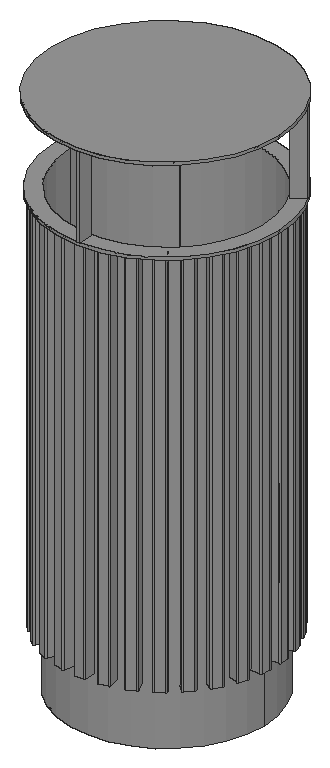
Revit family "52966 Урна «Стеллар Вуд» круглая с крышкой Хоббика", category Антураж, Revit 2018
Family settings
  На основе рабочей плоскости = Нет
  Всегда вертикально = Да
  При загрузке вырезать с полостями = Нет
  Источник визуального образа = Геометрия семейства
  Общий = Нет
  Точка расчета площади = Нет
Parameters (values of type "Урна «Стеллар Вуд» круглая с крышкой")
  Ширина = Диаметр  # 400 mm
  Цвет урны = Сталь
  Цвет отделки = Дерево
  Описание = "Урна «Стеллар Вуд» круглая с крышкой"  # constant formula
  Материал изделия = "Сталь, дерево"  # constant formula
  Изображение типоразмера = Урна «Стеллар Вуд» круглая с крышкой Арт 52966.jpg
  Изготовитель = "ООО «Хоббика»"  # constant formula
  Длина = Диаметр  # 400 mm
  Диаметр = 400 mm  # constant formula
  Группа модели = "Уличные урны"  # constant formula
  Высота = 940 mm  # constant formula
  Артикул товара = "Арт. 52966"  # constant formula
  URL = "https://hobbyka.ru/product/urna_stellar_kruglaya_s_kryshkoy"
Reference planes
  plane 1 "По центру (Вперед/Назад)": y = 0
  plane 2: z = 0
  plane 3 "По центру (Влево/Вправо)": x = 0
  plane 4: x = 400
  plane 5: y = 400
  plane 6: z = 940
Forms (mm)
  Extrusion 1, solid, material "Сталь" <- "Цвет урны"
    sketch origin (5, 2.5, 0) x (1, 0, 0) y (0, 1, 0)
      loop
        circle (197.5, 197.5) r 172.5
    from 0 to 790
  Extrusion 2, void
    sketch origin (5, 2.5, 0) x (1, 0, 0) y (0, 1, 0)
      loop
        circle (197.5, 197.5) r 171
    from 1.5 to 790
  Extrusion 3, solid, material "Сталь" <- "Цвет урны"
    sketch origin (5, 2.5, 0) x (1, 0, 0) y (0, 1, 0)
      loop
        circle (197.5, 197.5) r 197.5
      loop
        circle (197.5, 197.5) r 172.5
    from 785 to 790
  Extrusion 4, solid, material "Дерево" <- "Цвет отделки"
    sketch origin (5, 2.5, 0) x (1, 0, 0) y (0, 1, 0)
      loop
        arc (190, 390) -> (188.232, 389.268) -> (187.5, 387.5) r 2.5
        line (187.5, 387.5) -> (187.5, 370) -> (207.5, 370) -> (207.5, 387.5)
        arc (207.5, 387.5) -> (206.768, 389.268) -> (205, 390) r 2.5
        line (205, 390) -> (190, 390)
    from 100 to 785
  Extrusion 5, solid, material "Дерево" <- "Цвет отделки"
    sketch origin (50.378, -34.247, 0) x (0.978148, 0.207912, 0) y (-0.207912, 0.978148, 0)
      loop
        arc (190, 390) -> (188.232, 389.268) -> (187.5, 387.5) r 2.5
        line (187.5, 387.5) -> (187.5, 370) -> (207.5, 370) -> (207.5, 387.5)
        arc (207.5, 387.5) -> (206.768, 389.268) -> (205, 390) r 2.5
        line (205, 390) -> (190, 390)
    from 100 to 785
  Extrusion 6, solid, material "Дерево" <- "Цвет отделки"
    sketch origin (-31.747, 47.878, 0) x (0.978148, -0.207912, 0) y (0.207912, 0.978148, 0)
      loop
        arc (190, 390) -> (188.232, 389.268) -> (187.5, 387.5) r 2.5
        line (187.5, 387.5) -> (187.5, 370) -> (207.5, 370) -> (207.5, 387.5)
        arc (207.5, 387.5) -> (206.768, 389.268) -> (205, 390) r 2.5
        line (205, 390) -> (190, 390)
    from 100 to 785
  Extrusion 7, solid, material "Дерево" <- "Цвет отделки"
    sketch origin (-58.256, 99.905, 0) x (0.913545, -0.406737, 0) y (0.406737, 0.913545, 0)
      loop
        arc (190, 390) -> (188.232, 389.268) -> (187.5, 387.5) r 2.5
        line (187.5, 387.5) -> (187.5, 370) -> (207.5, 370) -> (207.5, 387.5)
        arc (207.5, 387.5) -> (206.768, 389.268) -> (205, 390) r 2.5
        line (205, 390) -> (190, 390)
    from 100 to 785
  Extrusion 8, solid, material "Дерево" <- "Цвет отделки"
    sketch origin (-73.368, 156.307, 0) x (0.809017, -0.587785, 0) y (0.587785, 0.809017, 0)
      loop
        arc (190, 390) -> (188.232, 389.268) -> (187.5, 387.5) r 2.5
        line (187.5, 387.5) -> (187.5, 370) -> (207.5, 370) -> (207.5, 387.5)
        arc (207.5, 387.5) -> (206.768, 389.268) -> (205, 390) r 2.5
        line (205, 390) -> (190, 390)
    from 100 to 785
  Extrusion 9, solid, material "Дерево" <- "Цвет отделки"
    sketch origin (-76.424, 214.618, 0) x (0.669131, -0.743145, 0) y (0.743145, 0.669131, 0)
      loop
        arc (190, 390) -> (188.232, 389.268) -> (187.5, 387.5) r 2.5
        line (187.5, 387.5) -> (187.5, 370) -> (207.5, 370) -> (207.5, 387.5)
        arc (207.5, 387.5) -> (206.768, 389.268) -> (205, 390) r 2.5
        line (205, 390) -> (190, 390)
    from 100 to 785
  Extrusion 10, solid, material "Дерево" <- "Цвет отделки"
    sketch origin (-67.29, 272.29, 0) x (0.5, -0.866025, 0) y (0.866025, 0.5, 0)
      loop
        arc (190, 390) -> (188.232, 389.268) -> (187.5, 387.5) r 2.5
        line (187.5, 387.5) -> (187.5, 370) -> (207.5, 370) -> (207.5, 387.5)
        arc (207.5, 387.5) -> (206.768, 389.268) -> (205, 390) r 2.5
        line (205, 390) -> (190, 390)
    from 100 to 785
  Extrusion 11, solid, material "Дерево" <- "Цвет отделки"
    sketch origin (-46.365, 326.803, 0) x (0.309017, -0.951057, 0) y (0.951057, 0.309017, 0)
      loop
        arc (190, 390) -> (188.232, 389.268) -> (187.5, 387.5) r 2.5
        line (187.5, 387.5) -> (187.5, 370) -> (207.5, 370) -> (207.5, 387.5)
        arc (207.5, 387.5) -> (206.768, 389.268) -> (205, 390) r 2.5
        line (205, 390) -> (190, 390)
    from 100 to 785
  Extrusion 12, solid, material "Дерево" <- "Цвет отделки"
    sketch origin (-14.562, 375.774, 0) x (0.104528, -0.994522, 0) y (0.994522, 0.104528, 0)
      loop
        arc (190, 390) -> (188.232, 389.268) -> (187.5, 387.5) r 2.5
        line (187.5, 387.5) -> (187.5, 370) -> (207.5, 370) -> (207.5, 387.5)
        arc (207.5, 387.5) -> (206.768, 389.268) -> (205, 390) r 2.5
        line (205, 390) -> (190, 390)
    from 100 to 785
  Extrusion 13, solid, material "Дерево" <- "Цвет отделки"
    sketch origin (26.726, 417.062, 0) x (-0.104528, -0.994522, 0) y (0.994522, -0.104528, 0)
      loop
        arc (190, 390) -> (188.232, 389.268) -> (187.5, 387.5) r 2.5
        line (187.5, 387.5) -> (187.5, 370) -> (207.5, 370) -> (207.5, 387.5)
        arc (207.5, 387.5) -> (206.768, 389.268) -> (205, 390) r 2.5
        line (205, 390) -> (190, 390)
    from 100 to 785
  Extrusion 14, solid, material "Дерево" <- "Цвет отделки"
    sketch origin (75.697, 448.865, 0) x (-0.309017, -0.951057, 0) y (0.951057, -0.309017, 0)
      loop
        arc (190, 390) -> (188.232, 389.268) -> (187.5, 387.5) r 2.5
        line (187.5, 387.5) -> (187.5, 370) -> (207.5, 370) -> (207.5, 387.5)
        arc (207.5, 387.5) -> (206.768, 389.268) -> (205, 390) r 2.5
        line (205, 390) -> (190, 390)
    from 100 to 785
  Extrusion 15, solid, material "Дерево" <- "Цвет отделки"
    sketch origin (130.21, 469.79, 0) x (-0.5, -0.866025, 0) y (0.866025, -0.5, 0)
      loop
        arc (190, 390) -> (188.232, 389.268) -> (187.5, 387.5) r 2.5
        line (187.5, 387.5) -> (187.5, 370) -> (207.5, 370) -> (207.5, 387.5)
        arc (207.5, 387.5) -> (206.768, 389.268) -> (205, 390) r 2.5
        line (205, 390) -> (190, 390)
    from 100 to 785
  Extrusion 16, solid, material "Дерево" <- "Цвет отделки"
    sketch origin (187.882, 478.924, 0) x (-0.669131, -0.743145, 0) y (0.743145, -0.669131, 0)
      loop
        arc (190, 390) -> (188.232, 389.268) -> (187.5, 387.5) r 2.5
        line (187.5, 387.5) -> (187.5, 370) -> (207.5, 370) -> (207.5, 387.5)
        arc (207.5, 387.5) -> (206.768, 389.268) -> (205, 390) r 2.5
        line (205, 390) -> (190, 390)
    from 100 to 785
  Extrusion 17, solid, material "Дерево" <- "Цвет отделки"
    sketch origin (246.193, 475.868, 0) x (-0.809017, -0.587785, 0) y (0.587785, -0.809017, 0)
      loop
        arc (190, 390) -> (188.232, 389.268) -> (187.5, 387.5) r 2.5
        line (187.5, 387.5) -> (187.5, 370) -> (207.5, 370) -> (207.5, 387.5)
        arc (207.5, 387.5) -> (206.768, 389.268) -> (205, 390) r 2.5
        line (205, 390) -> (190, 390)
    from 100 to 785
  Extrusion 18, solid, material "Дерево" <- "Цвет отделки"
    sketch origin (302.595, 460.756, 0) x (-0.913545, -0.406737, 0) y (0.406737, -0.913545, 0)
      loop
        arc (190, 390) -> (188.232, 389.268) -> (187.5, 387.5) r 2.5
        line (187.5, 387.5) -> (187.5, 370) -> (207.5, 370) -> (207.5, 387.5)
        arc (207.5, 387.5) -> (206.768, 389.268) -> (205, 390) r 2.5
        line (205, 390) -> (190, 390)
    from 100 to 785
  Extrusion 19, solid, material "Дерево" <- "Цвет отделки"
    sketch origin (354.622, 434.247, 0) x (-0.978148, -0.207912, 0) y (0.207912, -0.978148, 0)
      loop
        arc (190, 390) -> (188.232, 389.268) -> (187.5, 387.5) r 2.5
        line (187.5, 387.5) -> (187.5, 370) -> (207.5, 370) -> (207.5, 387.5)
        arc (207.5, 387.5) -> (206.768, 389.268) -> (205, 390) r 2.5
        line (205, 390) -> (190, 390)
    from 100 to 785
  Extrusion 20, solid, material "Дерево" <- "Цвет отделки"
    sketch origin (400, 397.5, 0) x (-1, 0, 0) y (0, -1, 0)
      loop
        arc (190, 390) -> (188.232, 389.268) -> (187.5, 387.5) r 2.5
        line (187.5, 387.5) -> (187.5, 370) -> (207.5, 370) -> (207.5, 387.5)
        arc (207.5, 387.5) -> (206.768, 389.268) -> (205, 390) r 2.5
        line (205, 390) -> (190, 390)
    from 100 to 785
  Extrusion 21, solid, material "Дерево" <- "Цвет отделки"
    sketch origin (436.747, 352.122, 0) x (-0.978148, 0.207912, 0) y (-0.207912, -0.978148, 0)
      loop
        arc (190, 390) -> (188.232, 389.268) -> (187.5, 387.5) r 2.5
        line (187.5, 387.5) -> (187.5, 370) -> (207.5, 370) -> (207.5, 387.5)
        arc (207.5, 387.5) -> (206.768, 389.268) -> (205, 390) r 2.5
        line (205, 390) -> (190, 390)
    from 100 to 785
  Extrusion 22, solid, material "Дерево" <- "Цвет отделки"
    sketch origin (463.256, 300.095, 0) x (-0.913545, 0.406737, 0) y (-0.406737, -0.913545, 0)
      loop
        arc (190, 390) -> (188.232, 389.268) -> (187.5, 387.5) r 2.5
        line (187.5, 387.5) -> (187.5, 370) -> (207.5, 370) -> (207.5, 387.5)
        arc (207.5, 387.5) -> (206.768, 389.268) -> (205, 390) r 2.5
        line (205, 390) -> (190, 390)
    from 100 to 785
  Extrusion 23, solid, material "Дерево" <- "Цвет отделки"
    sketch origin (478.368, 243.693, 0) x (-0.809017, 0.587785, 0) y (-0.587785, -0.809017, 0)
      loop
        arc (190, 390) -> (188.232, 389.268) -> (187.5, 387.5) r 2.5
        line (187.5, 387.5) -> (187.5, 370) -> (207.5, 370) -> (207.5, 387.5)
        arc (207.5, 387.5) -> (206.768, 389.268) -> (205, 390) r 2.5
        line (205, 390) -> (190, 390)
    from 100 to 785
  Extrusion 24, solid, material "Дерево" <- "Цвет отделки"
    sketch origin (481.424, 185.382, 0) x (-0.669131, 0.743145, 0) y (-0.743145, -0.669131, 0)
      loop
        arc (190, 390) -> (188.232, 389.268) -> (187.5, 387.5) r 2.5
        line (187.5, 387.5) -> (187.5, 370) -> (207.5, 370) -> (207.5, 387.5)
        arc (207.5, 387.5) -> (206.768, 389.268) -> (205, 390) r 2.5
        line (205, 390) -> (190, 390)
    from 100 to 785
  Extrusion 25, solid, material "Дерево" <- "Цвет отделки"
    sketch origin (472.29, 127.71, 0) x (-0.5, 0.866025, 0) y (-0.866025, -0.5, 0)
      loop
        arc (190, 390) -> (188.232, 389.268) -> (187.5, 387.5) r 2.5
        line (187.5, 387.5) -> (187.5, 370) -> (207.5, 370) -> (207.5, 387.5)
        arc (207.5, 387.5) -> (206.768, 389.268) -> (205, 390) r 2.5
        line (205, 390) -> (190, 390)
    from 100 to 785
  Extrusion 26, solid, material "Дерево" <- "Цвет отделки"
    sketch origin (451.365, 73.197, 0) x (-0.309017, 0.951057, 0) y (-0.951057, -0.309017, 0)
      loop
        arc (190, 390) -> (188.232, 389.268) -> (187.5, 387.5) r 2.5
        line (187.5, 387.5) -> (187.5, 370) -> (207.5, 370) -> (207.5, 387.5)
        arc (207.5, 387.5) -> (206.768, 389.268) -> (205, 390) r 2.5
        line (205, 390) -> (190, 390)
    from 100 to 785
  Extrusion 27, solid, material "Дерево" <- "Цвет отделки"
    sketch origin (419.562, 24.226, 0) x (-0.104528, 0.994522, 0) y (-0.994522, -0.104528, 0)
      loop
        arc (190, 390) -> (188.232, 389.268) -> (187.5, 387.5) r 2.5
        line (187.5, 387.5) -> (187.5, 370) -> (207.5, 370) -> (207.5, 387.5)
        arc (207.5, 387.5) -> (206.768, 389.268) -> (205, 390) r 2.5
        line (205, 390) -> (190, 390)
    from 100 to 785
  Extrusion 28, solid, material "Дерево" <- "Цвет отделки"
    sketch origin (378.274, -17.062, 0) x (0.104528, 0.994522, 0) y (-0.994522, 0.104528, 0)
      loop
        arc (190, 390) -> (188.232, 389.268) -> (187.5, 387.5) r 2.5
        line (187.5, 387.5) -> (187.5, 370) -> (207.5, 370) -> (207.5, 387.5)
        arc (207.5, 387.5) -> (206.768, 389.268) -> (205, 390) r 2.5
        line (205, 390) -> (190, 390)
    from 100 to 785
  Extrusion 29, solid, material "Дерево" <- "Цвет отделки"
    sketch origin (329.303, -48.865, 0) x (0.309017, 0.951057, 0) y (-0.951057, 0.309017, 0)
      loop
        arc (190, 390) -> (188.232, 389.268) -> (187.5, 387.5) r 2.5
        line (187.5, 387.5) -> (187.5, 370) -> (207.5, 370) -> (207.5, 387.5)
        arc (207.5, 387.5) -> (206.768, 389.268) -> (205, 390) r 2.5
        line (205, 390) -> (190, 390)
    from 100 to 785
  Extrusion 30, solid, material "Дерево" <- "Цвет отделки"
    sketch origin (274.79, -69.79, 0) x (0.5, 0.866025, 0) y (-0.866025, 0.5, 0)
      loop
        arc (190, 390) -> (188.232, 389.268) -> (187.5, 387.5) r 2.5
        line (187.5, 387.5) -> (187.5, 370) -> (207.5, 370) -> (207.5, 387.5)
        arc (207.5, 387.5) -> (206.768, 389.268) -> (205, 390) r 2.5
        line (205, 390) -> (190, 390)
    from 100 to 785
  Extrusion 31, solid, material "Дерево" <- "Цвет отделки"
    sketch origin (217.118, -78.924, 0) x (0.669131, 0.743145, 0) y (-0.743145, 0.669131, 0)
      loop
        arc (190, 390) -> (188.232, 389.268) -> (187.5, 387.5) r 2.5
        line (187.5, 387.5) -> (187.5, 370) -> (207.5, 370) -> (207.5, 387.5)
        arc (207.5, 387.5) -> (206.768, 389.268) -> (205, 390) r 2.5
        line (205, 390) -> (190, 390)
    from 100 to 785
  Extrusion 32, solid, material "Дерево" <- "Цвет отделки"
    sketch origin (158.807, -75.868, 0) x (0.809017, 0.587785, 0) y (-0.587785, 0.809017, 0)
      loop
        arc (190, 390) -> (188.232, 389.268) -> (187.5, 387.5) r 2.5
        line (187.5, 387.5) -> (187.5, 370) -> (207.5, 370) -> (207.5, 387.5)
        arc (207.5, 387.5) -> (206.768, 389.268) -> (205, 390) r 2.5
        line (205, 390) -> (190, 390)
    from 100 to 785
  Extrusion 33, solid, material "Дерево" <- "Цвет отделки"
    sketch origin (102.405, -60.756, 0) x (0.913545, 0.406737, 0) y (-0.406737, 0.913545, 0)
      loop
        arc (190, 390) -> (188.232, 389.268) -> (187.5, 387.5) r 2.5
        line (187.5, 387.5) -> (187.5, 370) -> (207.5, 370) -> (207.5, 387.5)
        arc (207.5, 387.5) -> (206.768, 389.268) -> (205, 390) r 2.5
        line (205, 390) -> (190, 390)
    from 100 to 785
  Extrusion 34, solid, material "Сталь" <- "Цвет урны"
    sketch origin (5, 2.5, 0) x (1, 0, 0) y (0, 1, 0)
      loop
        arc (346.26, 284.83) -> (347.511, 282.665) -> (348.729, 280.482) r 172.5
        line (348.729, 280.482) -> (370.384, 292.985)
        arc (370.384, 292.985) -> (369.162, 295.165) -> (367.912, 297.331) r 197.5
        line (367.912, 297.331) -> (346.26, 284.83)
      loop
        line (50.021, 286.977) -> (28.366, 299.48)
        arc (28.366, 299.48) -> (27.088, 297.331) -> (25.838, 295.165) r 197.5
        line (25.838, 295.165) -> (47.49, 282.665)
        arc (47.49, 282.665) -> (48.74, 284.83) -> (50.021, 286.977) r 172.5
      loop
        line (197.5, 25) -> (197.5, 0)
        arc (197.5, 0) -> (200, 0.016) -> (202.5, 0.063) r 197.5
        line (202.5, 0.063) -> (202.5, 25.072)
        arc (202.5, 25.072) -> (200, 25.018) -> (197.5, 25) r 172.5
    from 790 to 935
  Extrusion 35, solid, material "Сталь" <- "Цвет урны"
    sketch origin (5, 2.5, 0) x (1, 0, 0) y (0, 1, 0)
      loop
        circle (195, 197.5) r 200
    from 935 to 940
Cuts and joins
  Extrusion 2 cuts Extrusion 1
  joined: Extrusion 1, Extrusion 3
Lines and regions (mm)
  reference lines
    curve 1: circle (200, 200, 0) r 200 normal (0, 0, 1)
Dimensions and locks
  "Длина": plane 4 to plane 3 "По центру (Влево/Вправо)"
  "Ширина": plane 5 to plane 1 "По центру (Вперед/Назад)"
  "Высота": plane 6 to plane 2
  "Диаметр": diameter of curve 1
  aligned and locked: level to plane 2
Automatic sketch dimensions
  Extrusion 4 sketch curve to Extrusion 4 sketch curve = 2.5 mm  (x2)
  Extrusion 4 sketch curve to Extrusion 4 sketch curve = 15 mm
  Extrusion 4 sketch curve to Extrusion 4 sketch curve = 17.5 mm
  Extrusion 5 sketch curve to Extrusion 5 sketch curve = 2.5 mm  (x2)
  Extrusion 5 sketch curve to Extrusion 5 sketch curve = 15 mm
  Extrusion 5 sketch curve to Extrusion 5 sketch curve = 17.5 mm
  Extrusion 6 sketch curve to Extrusion 6 sketch curve = 2.5 mm  (x2)
  Extrusion 6 sketch curve to Extrusion 6 sketch curve = 15 mm
  Extrusion 6 sketch curve to Extrusion 6 sketch curve = 17.5 mm
  Extrusion 7 sketch curve to Extrusion 7 sketch curve = 2.5 mm  (x2)
  Extrusion 7 sketch curve to Extrusion 7 sketch curve = 15 mm
  Extrusion 7 sketch curve to Extrusion 7 sketch curve = 17.5 mm
  Extrusion 8 sketch curve to Extrusion 8 sketch curve = 2.5 mm  (x2)
  Extrusion 8 sketch curve to Extrusion 8 sketch curve = 15 mm
  Extrusion 8 sketch curve to Extrusion 8 sketch curve = 17.5 mm
  Extrusion 9 sketch curve to Extrusion 9 sketch curve = 2.5 mm  (x2)
  Extrusion 9 sketch curve to Extrusion 9 sketch curve = 15 mm
  Extrusion 9 sketch curve to Extrusion 9 sketch curve = 17.5 mm
  Extrusion 10 sketch curve to Extrusion 10 sketch curve = 2.5 mm  (x2)
  Extrusion 10 sketch curve to Extrusion 10 sketch curve = 15 mm
  Extrusion 10 sketch curve to Extrusion 10 sketch curve = 17.5 mm
  Extrusion 11 sketch curve to Extrusion 11 sketch curve = 2.5 mm  (x2)
  Extrusion 11 sketch curve to Extrusion 11 sketch curve = 15 mm
  Extrusion 11 sketch curve to Extrusion 11 sketch curve = 17.5 mm
  Extrusion 12 sketch curve to Extrusion 12 sketch curve = 2.5 mm  (x2)
  Extrusion 12 sketch curve to Extrusion 12 sketch curve = 15 mm
  Extrusion 12 sketch curve to Extrusion 12 sketch curve = 17.5 mm
  Extrusion 13 sketch curve to Extrusion 13 sketch curve = 2.5 mm  (x2)
  Extrusion 13 sketch curve to Extrusion 13 sketch curve = 15 mm
  Extrusion 13 sketch curve to Extrusion 13 sketch curve = 17.5 mm
  Extrusion 14 sketch curve to Extrusion 14 sketch curve = 2.5 mm  (x2)
  Extrusion 14 sketch curve to Extrusion 14 sketch curve = 15 mm
  Extrusion 14 sketch curve to Extrusion 14 sketch curve = 17.5 mm
  Extrusion 15 sketch curve to Extrusion 15 sketch curve = 2.5 mm  (x2)
  Extrusion 15 sketch curve to Extrusion 15 sketch curve = 15 mm
  Extrusion 15 sketch curve to Extrusion 15 sketch curve = 17.5 mm
  Extrusion 16 sketch curve to Extrusion 16 sketch curve = 2.5 mm  (x2)
  Extrusion 16 sketch curve to Extrusion 16 sketch curve = 15 mm
  Extrusion 16 sketch curve to Extrusion 16 sketch curve = 17.5 mm
  Extrusion 17 sketch curve to Extrusion 17 sketch curve = 2.5 mm  (x2)
  Extrusion 17 sketch curve to Extrusion 17 sketch curve = 15 mm
  Extrusion 17 sketch curve to Extrusion 17 sketch curve = 17.5 mm
  Extrusion 18 sketch curve to Extrusion 18 sketch curve = 2.5 mm  (x2)
  Extrusion 18 sketch curve to Extrusion 18 sketch curve = 15 mm
  Extrusion 18 sketch curve to Extrusion 18 sketch curve = 17.5 mm
  Extrusion 19 sketch curve to Extrusion 19 sketch curve = 2.5 mm  (x2)
  Extrusion 19 sketch curve to Extrusion 19 sketch curve = 15 mm
  Extrusion 19 sketch curve to Extrusion 19 sketch curve = 17.5 mm
  Extrusion 20 sketch curve to Extrusion 20 sketch curve = 2.5 mm  (x2)
  Extrusion 20 sketch curve to Extrusion 20 sketch curve = 15 mm
  Extrusion 20 sketch curve to Extrusion 20 sketch curve = 17.5 mm
  Extrusion 21 sketch curve to Extrusion 21 sketch curve = 2.5 mm  (x2)
  Extrusion 21 sketch curve to Extrusion 21 sketch curve = 15 mm
  Extrusion 21 sketch curve to Extrusion 21 sketch curve = 17.5 mm
  Extrusion 22 sketch curve to Extrusion 22 sketch curve = 2.5 mm  (x2)
  Extrusion 22 sketch curve to Extrusion 22 sketch curve = 15 mm
  Extrusion 22 sketch curve to Extrusion 22 sketch curve = 17.5 mm
  Extrusion 23 sketch curve to Extrusion 23 sketch curve = 2.5 mm  (x2)
  Extrusion 23 sketch curve to Extrusion 23 sketch curve = 15 mm
  Extrusion 23 sketch curve to Extrusion 23 sketch curve = 17.5 mm
  Extrusion 24 sketch curve to Extrusion 24 sketch curve = 2.5 mm  (x2)
  Extrusion 24 sketch curve to Extrusion 24 sketch curve = 15 mm
  Extrusion 24 sketch curve to Extrusion 24 sketch curve = 17.5 mm
  Extrusion 25 sketch curve to Extrusion 25 sketch curve = 2.5 mm  (x2)
  Extrusion 25 sketch curve to Extrusion 25 sketch curve = 15 mm
  Extrusion 25 sketch curve to Extrusion 25 sketch curve = 17.5 mm
  Extrusion 26 sketch curve to Extrusion 26 sketch curve = 2.5 mm  (x2)
  Extrusion 26 sketch curve to Extrusion 26 sketch curve = 15 mm
  Extrusion 26 sketch curve to Extrusion 26 sketch curve = 17.5 mm
  Extrusion 27 sketch curve to Extrusion 27 sketch curve = 2.5 mm  (x2)
  Extrusion 27 sketch curve to Extrusion 27 sketch curve = 15 mm
  Extrusion 27 sketch curve to Extrusion 27 sketch curve = 17.5 mm
  Extrusion 28 sketch curve to Extrusion 28 sketch curve = 2.5 mm  (x2)
  Extrusion 28 sketch curve to Extrusion 28 sketch curve = 15 mm
  Extrusion 28 sketch curve to Extrusion 28 sketch curve = 17.5 mm
  Extrusion 29 sketch curve to Extrusion 29 sketch curve = 2.5 mm  (x2)
  Extrusion 29 sketch curve to Extrusion 29 sketch curve = 15 mm
  Extrusion 29 sketch curve to Extrusion 29 sketch curve = 17.5 mm
  Extrusion 30 sketch curve to Extrusion 30 sketch curve = 2.5 mm  (x2)
  Extrusion 30 sketch curve to Extrusion 30 sketch curve = 15 mm
  Extrusion 30 sketch curve to Extrusion 30 sketch curve = 17.5 mm
  Extrusion 31 sketch curve to Extrusion 31 sketch curve = 2.5 mm  (x2)
  Extrusion 31 sketch curve to Extrusion 31 sketch curve = 15 mm
  Extrusion 31 sketch curve to Extrusion 31 sketch curve = 17.5 mm
  Extrusion 32 sketch curve to Extrusion 32 sketch curve = 2.5 mm  (x2)
  Extrusion 32 sketch curve to Extrusion 32 sketch curve = 15 mm
  Extrusion 32 sketch curve to Extrusion 32 sketch curve = 17.5 mm
  Extrusion 33 sketch curve to Extrusion 33 sketch curve = 2.5 mm  (x2)
  Extrusion 33 sketch curve to Extrusion 33 sketch curve = 15 mm
  Extrusion 33 sketch curve to Extrusion 33 sketch curve = 17.5 mm
  plane 3 "По центру (Влево/Вправо)" to curve 1 = 200 mm
  curve 1 to plane 1 "По центру (Вперед/Назад)" = 200 mm
  Extrusion 2 sketch curve to Extrusion 2 sketch curve = 0 mm  (x2)
  plane 3 "По центру (Влево/Вправо)" to Extrusion 2 sketch curve = 202.5 mm
  Extrusion 2 sketch curve to plane 1 "По центру (Вперед/Назад)" = 200 mm
  plane 3 "По центру (Влево/Вправо)" to Extrusion 2 sketch curve = 31.5 mm
  Extrusion 3 sketch curve to Extrusion 3 sketch curve = 0 mm  (x6)
  plane 3 "По центру (Влево/Вправо)" to Extrusion 3 sketch curve = 202.5 mm
  Extrusion 3 sketch curve to plane 1 "По центру (Вперед/Назад)" = 200 mm
  plane 3 "По центру (Влево/Вправо)" to Extrusion 3 sketch curve = 30 mm
  Extrusion 34 sketch curve to Extrusion 34 sketch curve = 0 mm  (x30)
  Extrusion 34 sketch curve to plane 1 "По центру (Вперед/Назад)" = 2.5 mm
  plane 3 "По центру (Влево/Вправо)" to Extrusion 34 sketch curve = 30.838 mm
  Extrusion 34 sketch curve to Extrusion 34 sketch curve = 2.527 mm
  Extrusion 34 sketch curve to Extrusion 34 sketch curve = 21.651 mm  (x2)
  Extrusion 34 sketch curve to Extrusion 34 sketch curve = 2.531 mm
  plane 3 "По центру (Влево/Вправо)" to Extrusion 34 sketch curve = 202.5 mm
  Extrusion 34 sketch curve to plane 1 "По центру (Вперед/Назад)" = 2.563 mm
  Extrusion 34 sketch curve to Extrusion 34 sketch curve = 5 mm
  Extrusion 34 sketch curve to plane 4 = 48.74 mm
  Extrusion 34 sketch curve to Extrusion 34 sketch curve = 2.469 mm
  Extrusion 34 sketch curve to Extrusion 34 sketch curve = 2.473 mm
  Extrusion 34 sketch curve to plane 1 "По центру (Вперед/Назад)" = 27.5 mm
  Extrusion 34 sketch curve to plane 5 = 117.018 mm
  Extrusion 34 sketch curve to plane 5 = 114.835 mm
  Extrusion 34 sketch curve to Extrusion 34 sketch curve = 12.503 mm
  Extrusion 34 sketch curve to Extrusion 34 sketch curve = 12.5 mm
  Extrusion 35 sketch curve to plane 4 = 200 mm
  Extrusion 35 sketch curve to plane 1 "По центру (Вперед/Назад)" = 200 mm
  radius of Extrusion 3 sketch curve = 197.5 mm
  radius of Extrusion 35 sketch curve = 200 mm
